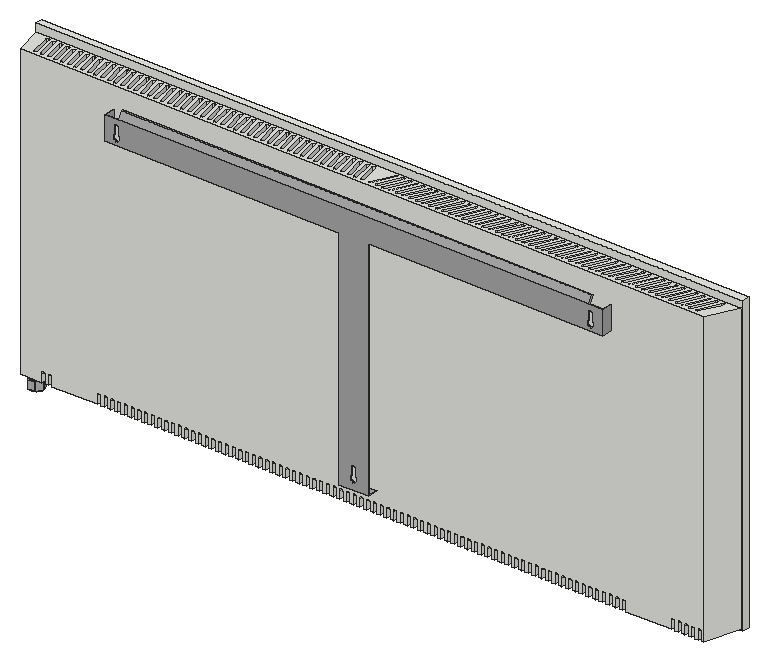
Revit family "Modern Plus", category Mechanical Equipment, host Wall, Revit 2020 (continued)
Definition of nested family "MDN 1500 PLUS"
  Forms (mm)
    Revolve 93, void
      sketch origin (-7.5, 200, 2) x (1, 0, 0) y (0, 1, 0)
        loop
          line (-345, -164.5) -> (-345, -177)
          arc (-345, -177) -> (-342.5, -179.5) -> (-340, -177) r 2.5
          line (-340, -177) -> (-340, -164.5) -> (-345, -164.5)
        axis (-345, -164.5) -> (-340, -164.5)
      angle from 0 to -90
    Revolve 94, void
      sketch origin (2.5, 200, 2) x (1, 0, 0) y (0, 1, 0)
        loop
          line (-345, -164.5) -> (-345, -177)
          arc (-345, -177) -> (-342.5, -179.5) -> (-340, -177) r 2.5
          line (-340, -177) -> (-340, -164.5) -> (-345, -164.5)
        axis (-345, -164.5) -> (-340, -164.5)
      angle from 0 to -90
    Revolve 95, void
      sketch origin (22.5, 200, 2) x (1, 0, 0) y (0, 1, 0)
        loop
          line (-345, -164.5) -> (-345, -177)
          arc (-345, -177) -> (-342.5, -179.5) -> (-340, -177) r 2.5
          line (-340, -177) -> (-340, -164.5) -> (-345, -164.5)
        axis (-345, -164.5) -> (-340, -164.5)
      angle from 0 to -90
    Revolve 96, void
      sketch origin (12.5, 200, 2) x (1, 0, 0) y (0, 1, 0)
        loop
          line (-345, -164.5) -> (-345, -177)
          arc (-345, -177) -> (-342.5, -179.5) -> (-340, -177) r 2.5
          line (-340, -177) -> (-340, -164.5) -> (-345, -164.5)
        axis (-345, -164.5) -> (-340, -164.5)
      angle from 0 to -90
    Revolve 97, void
      sketch origin (42.5, 200, 2) x (1, 0, 0) y (0, 1, 0)
        loop
          line (-345, -164.5) -> (-345, -177)
          arc (-345, -177) -> (-342.5, -179.5) -> (-340, -177) r 2.5
          line (-340, -177) -> (-340, -164.5) -> (-345, -164.5)
        axis (-345, -164.5) -> (-340, -164.5)
      angle from 0 to -90
    Revolve 98, void
      sketch origin (32.5, 200, 2) x (1, 0, 0) y (0, 1, 0)
        loop
          line (-345, -164.5) -> (-345, -177)
          arc (-345, -177) -> (-342.5, -179.5) -> (-340, -177) r 2.5
          line (-340, -177) -> (-340, -164.5) -> (-345, -164.5)
        axis (-345, -164.5) -> (-340, -164.5)
      angle from 0 to -90
    Revolve 99, void
      sketch origin (52.5, 200, 2) x (1, 0, 0) y (0, 1, 0)
        loop
          line (-345, -164.5) -> (-345, -177)
          arc (-345, -177) -> (-342.5, -179.5) -> (-340, -177) r 2.5
          line (-340, -177) -> (-340, -164.5) -> (-345, -164.5)
        axis (-345, -164.5) -> (-340, -164.5)
      angle from 0 to -90
    Revolve 100, void
      sketch origin (62.5, 200, 2) x (1, 0, 0) y (0, 1, 0)
        loop
          line (-345, -164.5) -> (-345, -177)
          arc (-345, -177) -> (-342.5, -179.5) -> (-340, -177) r 2.5
          line (-340, -177) -> (-340, -164.5) -> (-345, -164.5)
        axis (-345, -164.5) -> (-340, -164.5)
      angle from 0 to -90
    Revolve 101, void
      sketch origin (82.5, 200, 2) x (1, 0, 0) y (0, 1, 0)
        loop
          line (-345, -164.5) -> (-345, -177)
          arc (-345, -177) -> (-342.5, -179.5) -> (-340, -177) r 2.5
          line (-340, -177) -> (-340, -164.5) -> (-345, -164.5)
        axis (-345, -164.5) -> (-340, -164.5)
      angle from 0 to -90
    Revolve 102, void
      sketch origin (72.5, 200, 2) x (1, 0, 0) y (0, 1, 0)
        loop
          line (-345, -164.5) -> (-345, -177)
          arc (-345, -177) -> (-342.5, -179.5) -> (-340, -177) r 2.5
          line (-340, -177) -> (-340, -164.5) -> (-345, -164.5)
        axis (-345, -164.5) -> (-340, -164.5)
      angle from 0 to -90
    Revolve 103, void
      sketch origin (92.5, 200, 2) x (1, 0, 0) y (0, 1, 0)
        loop
          line (-345, -164.5) -> (-345, -177)
          arc (-345, -177) -> (-342.5, -179.5) -> (-340, -177) r 2.5
          line (-340, -177) -> (-340, -164.5) -> (-345, -164.5)
        axis (-345, -164.5) -> (-340, -164.5)
      angle from 0 to -90
    Revolve 104, void
      sketch origin (-47.5, 200, 2) x (1, 0, 0) y (0, 1, 0)
        loop
          line (-345, -164.5) -> (-345, -177)
          arc (-345, -177) -> (-342.5, -179.5) -> (-340, -177) r 2.5
          line (-340, -177) -> (-340, -164.5) -> (-345, -164.5)
        axis (-345, -164.5) -> (-340, -164.5)
      angle from 0 to -90
    Revolve 105, void
      sketch origin (-37.5, 200, 2) x (1, 0, 0) y (0, 1, 0)
        loop
          line (-345, -164.5) -> (-345, -177)
          arc (-345, -177) -> (-342.5, -179.5) -> (-340, -177) r 2.5
          line (-340, -177) -> (-340, -164.5) -> (-345, -164.5)
        axis (-345, -164.5) -> (-340, -164.5)
      angle from 0 to -90
    Revolve 106, void
      sketch origin (-17.5, 200, 2) x (1, 0, 0) y (0, 1, 0)
        loop
          line (-345, -164.5) -> (-345, -177)
          arc (-345, -177) -> (-342.5, -179.5) -> (-340, -177) r 2.5
          line (-340, -177) -> (-340, -164.5) -> (-345, -164.5)
        axis (-345, -164.5) -> (-340, -164.5)
      angle from 0 to -90
    Revolve 107, void
      sketch origin (-27.5, 200, 2) x (1, 0, 0) y (0, 1, 0)
        loop
          line (-345, -164.5) -> (-345, -177)
          arc (-345, -177) -> (-342.5, -179.5) -> (-340, -177) r 2.5
          line (-340, -177) -> (-340, -164.5) -> (-345, -164.5)
        axis (-345, -164.5) -> (-340, -164.5)
      angle from 0 to -90
    Blend 108, void
      base sketch origin (-82.25, 0, 0) x (1, 0, 0) y (0, 0, 1)
        loop
          line (314, 388) -> (314, 62) -> (315, 62) -> (315, 388) -> (314, 388)
      top sketch origin (-82.25, 0, 0) x (1, 0, 0) y (0, 0, 1)
        loop
          arc (312, 390) -> (311.293, 389.707) -> (311, 389) r 1
          line (311, 389) -> (311, 61)
          arc (311, 61) -> (311.293, 60.293) -> (312, 60) r 1
          line (312, 60) -> (317, 60)
          arc (317, 60) -> (317.707, 60.293) -> (318, 61) r 1
          line (318, 61) -> (318, 389)
          arc (318, 389) -> (317.707, 389.707) -> (317, 390) r 1
          line (317, 390) -> (312, 390)
      from 34 to 36
    Blend 109, void
      base sketch origin (82.25, 0, 0) x (-1, 0, 0) y (0, 0, -1)
        loop
          line (314, -388) -> (315, -388) -> (315, -62) -> (314, -62) -> (314, -388)
      top sketch origin (82.25, 0, 0) x (-1, 0, 0) y (0, 0, -1)
        loop
          line (312, -390) -> (317, -390)
          arc (317, -390) -> (317.707, -389.707) -> (318, -389) r 1
          line (318, -389) -> (318, -61)
          arc (318, -61) -> (317.707, -60.293) -> (317, -60) r 1
          line (317, -60) -> (312, -60)
          arc (312, -60) -> (311.293, -60.293) -> (311, -61) r 1
          line (311, -61) -> (311, -389)
          arc (311, -389) -> (311.293, -389.707) -> (312, -390) r 1
      from 34 to 36
  Cuts and joins
    Sweep 2, Blend 3, Blend 4, Blend 5, Extrusion 6, Extrusion 13, Extrusion 14, Blend 108, Blend 109 cuts Extrusion 1
    Extrusion 10, Extrusion 11, Extrusion 12, Extrusion 15, Revolve 16, Revolve 17, Revolve 18, Revolve 19, Revolve 20, Revolve 21, Revolve 22, Revolve 23, Revolve 24, Revolve 25, Revolve 26, Revolve 27, Revolve 28, Revolve 29, Revolve 30, Revolve 31, Revolve 32, Revolve 33, Revolve 34, Revolve 35, Revolve 36, Revolve 37, Revolve 38, Revolve 39, Revolve 40, Revolve 41, Revolve 42, Revolve 43, Revolve 44, Revolve 45, Revolve 46, Revolve 47, Revolve 48, Revolve 49, Revolve 50, Revolve 51, Revolve 52, Revolve 53, Revolve 54, Revolve 55, Revolve 56, Revolve 57, Revolve 58, Revolve 59, Revolve 60, Revolve 61, Revolve 62, Revolve 63, Revolve 64, Revolve 65, Revolve 66, Revolve 67, Revolve 68, Revolve 69, Revolve 70, Revolve 71, Extrusion 72, Revolve 78, Revolve 79, Revolve 80, Revolve 81, Revolve 82, Revolve 83, Revolve 84, Revolve 85, Revolve 86, Revolve 87, Revolve 88, Revolve 89, Revolve 90, Revolve 91, Revolve 92, Revolve 93, Revolve 94, Revolve 95, Revolve 96, Revolve 97, Revolve 98, Revolve 99, Revolve 100, Revolve 101, Revolve 102, Revolve 103, Revolve 104, Revolve 105, Revolve 106, Revolve 107 cuts Extrusion 9
    Extrusion 76, Extrusion 77 cuts Extrusion 75
  Lines and regions (mm)
    sketch lines
      curve 1: line (525, -35.5, 440) -> (-525, -35.5, 440)
      curve 2: line (525, -35.5, 0) -> (525, -35.5, 440)
      curve 3: line (-525, -35.5, 0) -> (525, -35.5, 0)
      curve 4: line (-525, -35.5, 440) -> (-525, -35.5, 0)
  Dimensions and locks
    equal spacing: plane 6, plane 1 "Center (Front/Back)", plane 5
    "Diepte": plane 6 to plane 5
    equal spacing: plane 7, plane 3 "Center (Left/Right)", plane 8
    "Breedte": plane 7 to plane 8
    "Hoogte": plane 4 to level
    aligned and locked: level to plane 2
    aligned and locked: profile plane to Sweep 2 sketch curve  (x2)
  Automatic sketch dimensions
    Extrusion 1 sketch curve to level = 0 mm
    Extrusion 1 sketch curve to plane 7 = 0 mm
    Extrusion 1 sketch curve to plane 8 = 0 mm
    Extrusion 1 sketch curve to plane 4 = 0 mm
    profile plane to Sweep 2 sketch curve = 10 mm
    Sweep 2 sketch curve to profile plane = 10 mm
    Blend 3 sketch curve to plane 8 = 61 mm
    Blend 3 sketch curve to Blend 3 sketch curve = 1 mm  (x4)
    level to Blend 3 sketch curve = 62 mm
    Blend 3 sketch curve to plane 4 = 162 mm
    Blend 3 sketch curve to plane 8 = 64 mm
    Blend 3 sketch curve to Blend 3 sketch curve = 5 mm  (x2)
    level to Blend 3 sketch curve = 60 mm
    Blend 3 sketch curve to plane 4 = 161 mm
    plane 7 to Blend 4 sketch curve = 60 mm
    Blend 4 sketch curve to Blend 4 sketch curve = 1 mm  (x4)
    level to Blend 4 sketch curve = 62 mm
    Blend 4 sketch curve to plane 4 = 52 mm
    plane 7 to Blend 4 sketch curve = 57 mm
    Blend 4 sketch curve to Blend 4 sketch curve = 5 mm  (x2)
    level to Blend 4 sketch curve = 60 mm
    Blend 4 sketch curve to plane 4 = 51 mm
    Blend 5 sketch curve to plane 3 "Center (Left/Right)" = 0.5 mm
    plane 3 "Center (Left/Right)" to Blend 5 sketch curve = 0.5 mm
    level to Blend 5 sketch curve = 62 mm
    Blend 5 sketch curve to plane 4 = 52 mm
    Blend 5 sketch curve to plane 3 "Center (Left/Right)" = 3.5 mm
    Blend 5 sketch curve to Blend 5 sketch curve = 1 mm  (x3)
    plane 3 "Center (Left/Right)" to Blend 5 sketch curve = 2.5 mm  (x2)
    level to Blend 5 sketch curve = 60 mm
    Blend 5 sketch curve to plane 4 = 51 mm
    Extrusion 6 sketch curve to plane 8 = 80 mm
    Extrusion 6 sketch curve to plane 8 = 40 mm
    Extrusion 6 sketch curve to plane 4 = 104 mm
    Extrusion 6 sketch curve to Extrusion 6 sketch curve = 40 mm
    Extrusion 7 sketch curve to plane 8 = 80 mm
    Extrusion 7 sketch curve to plane 8 = 40 mm
    Extrusion 7 sketch curve to plane 4 = 104 mm
    Extrusion 7 sketch curve to Extrusion 7 sketch curve = 40 mm
    Extrusion 8 sketch curve to plane 8 = 77.5 mm
    Extrusion 8 sketch curve to Extrusion 8 sketch curve = 0 mm  (x3)
    Extrusion 8 sketch curve to Extrusion 8 sketch curve = 2.8 mm  (x5)
    Extrusion 8 sketch curve to Extrusion 8 sketch curve = 7.9 mm  (x2)
    Extrusion 8 sketch curve to Extrusion 8 sketch curve = 8 mm  (x2)
    Extrusion 8 sketch curve to plane 4 = 123.5 mm
    Extrusion 8 sketch curve to Extrusion 8 sketch curve = 2.5 mm  (x6)
    Extrusion 8 sketch curve to Extrusion 8 sketch curve = 3.5 mm  (x4)
    Extrusion 9 sketch curve to plane 5 = 0 mm
    level to Extrusion 9 sketch curve = 2 mm
    Extrusion 9 sketch curve to plane 6 = 10 mm
    Extrusion 9 sketch curve to plane 4 = 11.98 mm
    Extrusion 9 sketch curve to plane 4 = 6 mm
    plane 5 to Extrusion 10 sketch curve = 0 mm
    Extrusion 10 sketch curve to plane 8 = 17.592 mm
    Extrusion 10 sketch curve to plane 8 = 2 mm
    plane 1 "Center (Front/Back)" to Extrusion 10 sketch curve = 15.5 mm
    plane 5 to Extrusion 11 sketch curve = 0 mm
    Extrusion 11 sketch curve to plane 7 = 17.592 mm
    Extrusion 11 sketch curve to plane 7 = 2 mm
    Extrusion 11 sketch curve to plane 1 "Center (Front/Back)" = 15.5 mm
    plane 1 "Center (Front/Back)" to Extrusion 12 sketch curve = 6.378 mm  (x100)
    plane 7 to Extrusion 12 sketch curve = 21.289 mm
    Extrusion 12 sketch curve to Extrusion 12 sketch curve = 2.391 mm  (x400)
    plane 1 "Center (Front/Back)" to Extrusion 12 sketch curve = 7.84 mm  (x99)
    Extrusion 12 sketch curve to Extrusion 12 sketch curve = 5.118 mm  (x196)
    plane 5 to Extrusion 12 sketch curve = 8.408 mm  (x98)
    plane 7 to Extrusion 12 sketch curve = 31.522 mm
    plane 5 to Extrusion 12 sketch curve = 9.87 mm  (x98)
    plane 3 "Center (Left/Right)" to Extrusion 12 sketch curve = 3.597 mm
    plane 3 "Center (Left/Right)" to Extrusion 12 sketch curve = 13.83 mm
    Extrusion 12 sketch curve to Extrusion 12 sketch curve = 1.462 mm  (x2)
    Extrusion 12 sketch curve to Extrusion 12 sketch curve = 0 mm
    Extrusion 12 sketch curve to Extrusion 12 sketch curve = 0.731 mm  (x2)
    Extrusion 13 sketch curve to plane 6 = 10 mm
    Extrusion 13 sketch curve to plane 8 = 122 mm
    plane 1 "Center (Front/Back)" to Extrusion 13 sketch curve = 15.5 mm
    Extrusion 13 sketch curve to Extrusion 13 sketch curve = 44 mm
    plane 6 to Extrusion 14 sketch curve = 10 mm
    Extrusion 14 sketch curve to plane 7 = 122 mm
    Extrusion 14 sketch curve to plane 1 "Center (Front/Back)" = 15.5 mm
    Extrusion 14 sketch curve to Extrusion 14 sketch curve = 44 mm
    plane 7 to Extrusion 15 sketch curve = 25 mm
    Extrusion 15 sketch curve to Extrusion 15 sketch curve = 2.5 mm  (x88)
    Extrusion 15 sketch curve to Extrusion 15 sketch curve = 5 mm  (x81)
    Extrusion 15 sketch curve to Extrusion 15 sketch curve = 4.531 mm
    Extrusion 15 sketch curve to Extrusion 15 sketch curve = 5.469 mm
    Extrusion 15 sketch curve to plane 1 "Center (Front/Back)" = 16 mm  (x14)
    Extrusion 15 sketch curve to Extrusion 15 sketch curve = 57.467 mm
    Extrusion 15 sketch curve to Extrusion 15 sketch curve = 5.033 mm
    plane 3 "Center (Left/Right)" to Extrusion 15 sketch curve = 2.5 mm
    plane 1 "Center (Front/Back)" to Extrusion 15 sketch curve = 9 mm  (x35)
    Extrusion 15 sketch curve to Extrusion 15 sketch curve = 57.5 mm
    Extrusion 15 sketch curve to Extrusion 15 sketch curve = 0 mm  (x126)
    Extrusion 15 sketch curve to Extrusion 15 sketch curve = 0.229 mm
    plane 5 to Revolve 16 sketch curve = 0 mm  (x2)
    plane 7 to Revolve 16 sketch curve = 30 mm
    Revolve 16 sketch curve to Revolve 16 sketch curve = 2.5 mm  (x3)
    plane 5 to Revolve 16 sketch curve = 12.5 mm
    plane 5 to Revolve 17 sketch curve = 0 mm  (x2)
    plane 7 to Revolve 17 sketch curve = 20 mm
    Revolve 17 sketch curve to Revolve 17 sketch curve = 2.5 mm  (x3)
    plane 5 to Revolve 17 sketch curve = 12.5 mm
    plane 5 to Revolve 18 sketch curve = 0 mm  (x2)
    plane 5 to Revolve 18 sketch curve = 12.5 mm
    plane 7 to Revolve 18 sketch curve = 40 mm
    Revolve 18 sketch curve to Revolve 18 sketch curve = 2.5 mm  (x3)
    plane 5 to Revolve 19 sketch curve = 0 mm  (x2)
    plane 5 to Revolve 19 sketch curve = 12.5 mm
    plane 7 to Revolve 19 sketch curve = 60 mm
    Revolve 19 sketch curve to Revolve 19 sketch curve = 2.5 mm  (x3)
    plane 5 to Revolve 20 sketch curve = 0 mm  (x2)
    plane 5 to Revolve 20 sketch curve = 12.5 mm
    plane 7 to Revolve 20 sketch curve = 50 mm
    Revolve 20 sketch curve to Revolve 20 sketch curve = 2.5 mm  (x3)
    plane 5 to Revolve 21 sketch curve = 0 mm  (x2)
    plane 5 to Revolve 21 sketch curve = 12.5 mm
    Revolve 21 sketch curve to plane 8 = 60 mm
    Revolve 21 sketch curve to Revolve 21 sketch curve = 2.5 mm  (x3)
    plane 5 to Revolve 22 sketch curve = 0 mm  (x2)
    plane 5 to Revolve 22 sketch curve = 12.5 mm
    Revolve 22 sketch curve to plane 8 = 50 mm
    Revolve 22 sketch curve to Revolve 22 sketch curve = 2.5 mm  (x3)
    plane 5 to Revolve 23 sketch curve = 0 mm  (x2)
    plane 5 to Revolve 23 sketch curve = 12.5 mm
    Revolve 23 sketch curve to plane 3 "Center (Left/Right)" = 232.5 mm
    Revolve 23 sketch curve to Revolve 23 sketch curve = 2.5 mm  (x3)
    plane 5 to Revolve 24 sketch curve = 0 mm  (x2)
    plane 5 to Revolve 24 sketch curve = 12.5 mm
    Revolve 24 sketch curve to plane 3 "Center (Left/Right)" = 242.5 mm
    Revolve 24 sketch curve to Revolve 24 sketch curve = 2.5 mm  (x3)
    plane 5 to Revolve 25 sketch curve = 0 mm  (x2)
    plane 5 to Revolve 25 sketch curve = 12.5 mm
    Revolve 25 sketch curve to plane 3 "Center (Left/Right)" = 222.5 mm
    Revolve 25 sketch curve to Revolve 25 sketch curve = 2.5 mm  (x3)
    plane 5 to Revolve 26 sketch curve = 0 mm  (x2)
    plane 5 to Revolve 26 sketch curve = 12.5 mm
    Revolve 26 sketch curve to plane 3 "Center (Left/Right)" = 202.5 mm
    Revolve 26 sketch curve to Revolve 26 sketch curve = 2.5 mm  (x3)
    plane 5 to Revolve 27 sketch curve = 0 mm  (x2)
    plane 5 to Revolve 27 sketch curve = 12.5 mm
    Revolve 27 sketch curve to plane 3 "Center (Left/Right)" = 212.5 mm
    Revolve 27 sketch curve to Revolve 27 sketch curve = 2.5 mm  (x3)
    plane 5 to Revolve 28 sketch curve = 0 mm  (x2)
    plane 5 to Revolve 28 sketch curve = 12.5 mm
    Revolve 28 sketch curve to plane 3 "Center (Left/Right)" = 182.5 mm
    Revolve 28 sketch curve to Revolve 28 sketch curve = 2.5 mm  (x3)
    plane 5 to Revolve 29 sketch curve = 0 mm  (x2)
    plane 5 to Revolve 29 sketch curve = 12.5 mm
    Revolve 29 sketch curve to plane 3 "Center (Left/Right)" = 192.5 mm
    Revolve 29 sketch curve to Revolve 29 sketch curve = 2.5 mm  (x3)
    plane 5 to Revolve 30 sketch curve = 0 mm  (x2)
    plane 5 to Revolve 30 sketch curve = 12.5 mm
    Revolve 30 sketch curve to plane 3 "Center (Left/Right)" = 172.5 mm
    Revolve 30 sketch curve to Revolve 30 sketch curve = 2.5 mm  (x3)
    plane 5 to Revolve 31 sketch curve = 0 mm  (x2)
    plane 5 to Revolve 31 sketch curve = 12.5 mm
    Revolve 31 sketch curve to plane 3 "Center (Left/Right)" = 152.5 mm
    Revolve 31 sketch curve to Revolve 31 sketch curve = 2.5 mm  (x3)
    plane 5 to Revolve 32 sketch curve = 0 mm  (x2)
    plane 5 to Revolve 32 sketch curve = 12.5 mm
    Revolve 32 sketch curve to plane 3 "Center (Left/Right)" = 162.5 mm
    Revolve 32 sketch curve to Revolve 32 sketch curve = 2.5 mm  (x3)
    plane 5 to Revolve 33 sketch curve = 0 mm  (x2)
    plane 5 to Revolve 33 sketch curve = 12.5 mm
    Revolve 33 sketch curve to plane 3 "Center (Left/Right)" = 132.5 mm
    Revolve 33 sketch curve to Revolve 33 sketch curve = 2.5 mm  (x3)
    plane 5 to Revolve 34 sketch curve = 0 mm  (x2)
    plane 5 to Revolve 34 sketch curve = 12.5 mm
    Revolve 34 sketch curve to plane 3 "Center (Left/Right)" = 142.5 mm
    Revolve 34 sketch curve to Revolve 34 sketch curve = 2.5 mm  (x3)
    plane 5 to Revolve 35 sketch curve = 0 mm  (x2)
    plane 5 to Revolve 35 sketch curve = 12.5 mm
    Revolve 35 sketch curve to plane 3 "Center (Left/Right)" = 122.5 mm
    Revolve 35 sketch curve to Revolve 35 sketch curve = 2.5 mm  (x3)
    plane 5 to Revolve 36 sketch curve = 0 mm  (x2)
    plane 5 to Revolve 36 sketch curve = 12.5 mm
    Revolve 36 sketch curve to plane 3 "Center (Left/Right)" = 102.5 mm
    Revolve 36 sketch curve to Revolve 36 sketch curve = 2.5 mm  (x3)
    plane 5 to Revolve 37 sketch curve = 0 mm  (x2)
    plane 5 to Revolve 37 sketch curve = 12.5 mm
    Revolve 37 sketch curve to plane 3 "Center (Left/Right)" = 112.5 mm
    Revolve 37 sketch curve to Revolve 37 sketch curve = 2.5 mm  (x3)
    plane 5 to Revolve 38 sketch curve = 0 mm  (x2)
    plane 5 to Revolve 38 sketch curve = 12.5 mm
    Revolve 38 sketch curve to plane 3 "Center (Left/Right)" = 82.5 mm
    Revolve 38 sketch curve to Revolve 38 sketch curve = 2.5 mm  (x3)
    plane 5 to Revolve 39 sketch curve = 0 mm  (x2)
    plane 5 to Revolve 39 sketch curve = 12.5 mm
    Revolve 39 sketch curve to plane 3 "Center (Left/Right)" = 92.5 mm
    Revolve 39 sketch curve to Revolve 39 sketch curve = 2.5 mm  (x3)
    plane 5 to Revolve 40 sketch curve = 0 mm  (x2)
    plane 5 to Revolve 40 sketch curve = 12.5 mm
    Revolve 40 sketch curve to plane 3 "Center (Left/Right)" = 72.5 mm
    Revolve 40 sketch curve to Revolve 40 sketch curve = 2.5 mm  (x3)
    plane 5 to Revolve 41 sketch curve = 0 mm  (x2)
    plane 5 to Revolve 41 sketch curve = 12.5 mm
    Revolve 41 sketch curve to plane 3 "Center (Left/Right)" = 52.5 mm
    Revolve 41 sketch curve to Revolve 41 sketch curve = 2.5 mm  (x3)
    plane 5 to Revolve 42 sketch curve = 0 mm  (x2)
    plane 5 to Revolve 42 sketch curve = 12.5 mm
    Revolve 42 sketch curve to plane 3 "Center (Left/Right)" = 62.5 mm
    Revolve 42 sketch curve to Revolve 42 sketch curve = 2.5 mm  (x3)
    plane 5 to Revolve 43 sketch curve = 0 mm  (x2)
    Revolve 43 sketch curve to plane 3 "Center (Left/Right)" = 32.5 mm
    Revolve 43 sketch curve to Revolve 43 sketch curve = 2.5 mm  (x3)
    plane 5 to Revolve 43 sketch curve = 12.5 mm
    plane 5 to Revolve 44 sketch curve = 0 mm  (x2)
    plane 5 to Revolve 44 sketch curve = 12.5 mm
    Revolve 44 sketch curve to plane 3 "Center (Left/Right)" = 42.5 mm
    Revolve 44 sketch curve to Revolve 44 sketch curve = 2.5 mm  (x3)
    plane 5 to Revolve 45 sketch curve = 0 mm  (x2)
    Revolve 45 sketch curve to plane 3 "Center (Left/Right)" = 22.5 mm
    Revolve 45 sketch curve to Revolve 45 sketch curve = 2.5 mm  (x3)
    plane 5 to Revolve 45 sketch curve = 12.5 mm
    plane 5 to Revolve 46 sketch curve = 0 mm  (x2)
    Revolve 46 sketch curve to plane 3 "Center (Left/Right)" = 0 mm
    Revolve 46 sketch curve to plane 3 "Center (Left/Right)" = 2.5 mm
    plane 5 to Revolve 46 sketch curve = 12.5 mm
    Revolve 46 sketch curve to Revolve 46 sketch curve = 2.5 mm  (x2)
    plane 5 to Revolve 47 sketch curve = 0 mm  (x2)
    Revolve 47 sketch curve to plane 3 "Center (Left/Right)" = 12.5 mm
    Revolve 47 sketch curve to Revolve 47 sketch curve = 2.5 mm  (x3)
    plane 5 to Revolve 47 sketch curve = 12.5 mm
    plane 5 to Revolve 48 sketch curve = 0 mm  (x2)
    plane 3 "Center (Left/Right)" to Revolve 48 sketch curve = 17.5 mm
    Revolve 48 sketch curve to Revolve 48 sketch curve = 2.5 mm  (x3)
    plane 5 to Revolve 48 sketch curve = 12.5 mm
    plane 5 to Revolve 49 sketch curve = 0 mm  (x2)
    plane 3 "Center (Left/Right)" to Revolve 49 sketch curve = 7.5 mm
    Revolve 49 sketch curve to Revolve 49 sketch curve = 2.5 mm  (x3)
    plane 5 to Revolve 49 sketch curve = 12.5 mm
    plane 5 to Revolve 50 sketch curve = 0 mm  (x2)
    plane 3 "Center (Left/Right)" to Revolve 50 sketch curve = 27.5 mm
    Revolve 50 sketch curve to Revolve 50 sketch curve = 2.5 mm  (x3)
    plane 5 to Revolve 50 sketch curve = 12.5 mm
    plane 5 to Revolve 51 sketch curve = 0 mm  (x2)
    plane 5 to Revolve 51 sketch curve = 12.5 mm
    plane 3 "Center (Left/Right)" to Revolve 51 sketch curve = 47.5 mm
    Revolve 51 sketch curve to Revolve 51 sketch curve = 2.5 mm  (x3)
    plane 5 to Revolve 52 sketch curve = 0 mm  (x2)
    plane 3 "Center (Left/Right)" to Revolve 52 sketch curve = 37.5 mm
    Revolve 52 sketch curve to Revolve 52 sketch curve = 2.5 mm  (x3)
    plane 5 to Revolve 52 sketch curve = 12.5 mm
    plane 5 to Revolve 53 sketch curve = 0 mm  (x2)
    plane 5 to Revolve 53 sketch curve = 12.5 mm
    plane 3 "Center (Left/Right)" to Revolve 53 sketch curve = 67.5 mm
    Revolve 53 sketch curve to Revolve 53 sketch curve = 2.5 mm  (x3)
    plane 5 to Revolve 54 sketch curve = 0 mm  (x2)
    plane 5 to Revolve 54 sketch curve = 12.5 mm
    plane 3 "Center (Left/Right)" to Revolve 54 sketch curve = 57.5 mm
    Revolve 54 sketch curve to Revolve 54 sketch curve = 2.5 mm  (x3)
    plane 5 to Revolve 55 sketch curve = 0 mm  (x2)
    plane 5 to Revolve 55 sketch curve = 12.5 mm
    plane 3 "Center (Left/Right)" to Revolve 55 sketch curve = 77.5 mm
    Revolve 55 sketch curve to Revolve 55 sketch curve = 2.5 mm  (x3)
    plane 5 to Revolve 56 sketch curve = 0 mm  (x2)
    plane 5 to Revolve 56 sketch curve = 12.5 mm
    plane 3 "Center (Left/Right)" to Revolve 56 sketch curve = 97.5 mm
    Revolve 56 sketch curve to Revolve 56 sketch curve = 2.5 mm  (x3)
    plane 5 to Revolve 57 sketch curve = 0 mm  (x2)
    plane 5 to Revolve 57 sketch curve = 12.5 mm
    plane 3 "Center (Left/Right)" to Revolve 57 sketch curve = 87.5 mm
    Revolve 57 sketch curve to Revolve 57 sketch curve = 2.5 mm  (x3)
    plane 5 to Revolve 58 sketch curve = 0 mm  (x2)
    plane 5 to Revolve 58 sketch curve = 12.5 mm
    plane 3 "Center (Left/Right)" to Revolve 58 sketch curve = 117.5 mm
    Revolve 58 sketch curve to Revolve 58 sketch curve = 2.5 mm  (x3)
    plane 5 to Revolve 59 sketch curve = 0 mm  (x2)
    plane 5 to Revolve 59 sketch curve = 12.5 mm
    plane 3 "Center (Left/Right)" to Revolve 59 sketch curve = 107.5 mm
    Revolve 59 sketch curve to Revolve 59 sketch curve = 2.5 mm  (x3)
    plane 5 to Revolve 60 sketch curve = 0 mm  (x2)
    plane 5 to Revolve 60 sketch curve = 12.5 mm
    plane 3 "Center (Left/Right)" to Revolve 60 sketch curve = 127.5 mm
    Revolve 60 sketch curve to Revolve 60 sketch curve = 2.5 mm  (x3)
    plane 5 to Revolve 61 sketch curve = 0 mm  (x2)
    plane 5 to Revolve 61 sketch curve = 12.5 mm
    plane 3 "Center (Left/Right)" to Revolve 61 sketch curve = 147.5 mm
    Revolve 61 sketch curve to Revolve 61 sketch curve = 2.5 mm  (x3)
    plane 5 to Revolve 62 sketch curve = 0 mm  (x2)
    plane 5 to Revolve 62 sketch curve = 12.5 mm
    plane 3 "Center (Left/Right)" to Revolve 62 sketch curve = 137.5 mm
    Revolve 62 sketch curve to Revolve 62 sketch curve = 2.5 mm  (x3)
    plane 5 to Revolve 63 sketch curve = 0 mm  (x2)
    plane 5 to Revolve 63 sketch curve = 12.5 mm
    plane 3 "Center (Left/Right)" to Revolve 63 sketch curve = 167.5 mm
    Revolve 63 sketch curve to Revolve 63 sketch curve = 2.5 mm  (x3)
    plane 5 to Revolve 64 sketch curve = 0 mm  (x2)
    plane 5 to Revolve 64 sketch curve = 12.5 mm
    plane 3 "Center (Left/Right)" to Revolve 64 sketch curve = 157.5 mm
    Revolve 64 sketch curve to Revolve 64 sketch curve = 2.5 mm  (x3)
    plane 5 to Revolve 65 sketch curve = 0 mm  (x2)
    plane 5 to Revolve 65 sketch curve = 12.5 mm
    plane 3 "Center (Left/Right)" to Revolve 65 sketch curve = 177.5 mm
    Revolve 65 sketch curve to Revolve 65 sketch curve = 2.5 mm  (x3)
    plane 5 to Revolve 66 sketch curve = 0 mm  (x2)
    plane 5 to Revolve 66 sketch curve = 12.5 mm
    plane 3 "Center (Left/Right)" to Revolve 66 sketch curve = 197.5 mm
    Revolve 66 sketch curve to Revolve 66 sketch curve = 2.5 mm  (x3)
    plane 5 to Revolve 67 sketch curve = 0 mm  (x2)
    plane 5 to Revolve 67 sketch curve = 12.5 mm
    plane 3 "Center (Left/Right)" to Revolve 67 sketch curve = 187.5 mm
    Revolve 67 sketch curve to Revolve 67 sketch curve = 2.5 mm  (x3)
    plane 5 to Revolve 68 sketch curve = 0 mm  (x2)
    plane 5 to Revolve 68 sketch curve = 12.5 mm
    plane 3 "Center (Left/Right)" to Revolve 68 sketch curve = 217.5 mm
    Revolve 68 sketch curve to Revolve 68 sketch curve = 2.5 mm  (x3)
    plane 5 to Revolve 69 sketch curve = 0 mm  (x2)
    plane 5 to Revolve 69 sketch curve = 12.5 mm
    plane 3 "Center (Left/Right)" to Revolve 69 sketch curve = 207.5 mm
    Revolve 69 sketch curve to Revolve 69 sketch curve = 2.5 mm  (x3)
    plane 5 to Revolve 70 sketch curve = 0 mm  (x2)
    plane 5 to Revolve 70 sketch curve = 12.5 mm
    plane 3 "Center (Left/Right)" to Revolve 70 sketch curve = 227.5 mm
    Revolve 70 sketch curve to Revolve 70 sketch curve = 2.5 mm  (x3)
    plane 5 to Revolve 71 sketch curve = 0 mm  (x2)
    plane 5 to Revolve 71 sketch curve = 12.5 mm
    plane 3 "Center (Left/Right)" to Revolve 71 sketch curve = 237.5 mm
    Revolve 71 sketch curve to Revolve 71 sketch curve = 2.5 mm  (x3)
    plane 1 "Center (Front/Back)" to Extrusion 72 sketch curve = 13 mm  (x4)
    plane 7 to Extrusion 72 sketch curve = 89 mm
    plane 5 to Extrusion 72 sketch curve = 14.5 mm  (x4)
    Extrusion 72 sketch curve to Extrusion 72 sketch curve = 0 mm  (x2)
    Extrusion 72 sketch curve to Extrusion 72 sketch curve = 22 mm  (x4)
    Extrusion 72 sketch curve to plane 8 = 111 mm
    plane 1 "Center (Front/Back)" to Extrusion 73 sketch curve = 0.5 mm
    Extrusion 73 sketch curve to plane 8 = 18 mm
    plane 1 "Center (Front/Back)" to Revolve 74 sketch curve = 0.5 mm  (x2)
    level to Revolve 74 sketch curve = 0.5 mm
    Revolve 74 sketch curve to plane 1 "Center (Front/Back)" = 2.5 mm
    Revolve 74 sketch curve to level = 18.5 mm
    Revolve 74 sketch curve to Revolve 74 sketch curve = 0.894 mm
    Revolve 74 sketch curve to Revolve 74 sketch curve = 3.899 mm
    Extrusion 75 sketch curve to plane 3 "Center (Left/Right)" = 0 mm  (x2)
    Extrusion 75 sketch curve to plane 3 "Center (Left/Right)" = 3 mm
    Extrusion 75 sketch curve to plane 3 "Center (Left/Right)" = 22 mm
    Extrusion 75 sketch curve to plane 4 = 38 mm
    plane 7 to Extrusion 75 sketch curve = 176 mm
    Extrusion 75 sketch curve to Extrusion 75 sketch curve = 0 mm  (x2)
    Extrusion 75 sketch curve to Extrusion 75 sketch curve = 3 mm  (x4)
    Extrusion 75 sketch curve to Extrusion 75 sketch curve = 15 mm  (x3)
    plane 3 "Center (Left/Right)" to Extrusion 75 sketch curve = 22 mm
    Extrusion 75 sketch curve to plane 4 = 48 mm
    Extrusion 75 sketch curve to plane 8 = 176 mm
    Extrusion 75 sketch curve to Extrusion 75 sketch curve = 21 mm
    Extrusion 75 sketch curve to Extrusion 75 sketch curve = 11 mm  (x2)
    Extrusion 75 sketch curve to Extrusion 75 sketch curve = 4 mm  (x3)
    Extrusion 75 sketch curve to plane 4 = 73 mm
    Extrusion 75 sketch curve to Extrusion 75 sketch curve = 14 mm
    level to Extrusion 75 sketch curve = 62 mm
    Extrusion 75 sketch curve to Extrusion 75 sketch curve = 10 mm  (x3)
    Extrusion 76 sketch curve to plane 5 = 9 mm
    Extrusion 76 sketch curve to Extrusion 76 sketch curve = 6 mm
    Extrusion 76 sketch curve to plane 4 = 38 mm
    Extrusion 76 sketch curve to Extrusion 76 sketch curve = 10 mm
    Extrusion 77 sketch curve to plane 5 = 0 mm
    Extrusion 77 sketch curve to Extrusion 77 sketch curve = 8.067 mm
    Extrusion 77 sketch curve to Extrusion 77 sketch curve = 6.133 mm
    level to Extrusion 77 sketch curve = 32.8 mm
    Extrusion 77 sketch curve to plane 4 = 38.222 mm
    Extrusion 77 sketch curve to Extrusion 77 sketch curve = 10.222 mm
    plane 5 to Revolve 78 sketch curve = 0 mm  (x2)
    plane 5 to Revolve 78 sketch curve = 12.5 mm
    plane 3 "Center (Left/Right)" to Revolve 78 sketch curve = 257.5 mm
    Revolve 78 sketch curve to Revolve 78 sketch curve = 2.5 mm  (x3)
    plane 5 to Revolve 79 sketch curve = 0 mm  (x2)
    plane 5 to Revolve 79 sketch curve = 12.5 mm
    plane 3 "Center (Left/Right)" to Revolve 79 sketch curve = 247.5 mm
    Revolve 79 sketch curve to Revolve 79 sketch curve = 2.5 mm  (x3)
    plane 5 to Revolve 80 sketch curve = 0 mm  (x2)
    plane 5 to Revolve 80 sketch curve = 12.5 mm
    Revolve 80 sketch curve to plane 8 = 247.5 mm
    Revolve 80 sketch curve to Revolve 80 sketch curve = 2.5 mm  (x3)
    plane 5 to Revolve 81 sketch curve = 0 mm  (x2)
    plane 5 to Revolve 81 sketch curve = 12.5 mm
    Revolve 81 sketch curve to plane 8 = 257.5 mm
    Revolve 81 sketch curve to Revolve 81 sketch curve = 2.5 mm  (x3)
    plane 5 to Revolve 82 sketch curve = 0 mm  (x2)
    plane 5 to Revolve 82 sketch curve = 12.5 mm
    Revolve 82 sketch curve to plane 8 = 237.5 mm
    Revolve 82 sketch curve to Revolve 82 sketch curve = 2.5 mm  (x3)
    plane 5 to Revolve 83 sketch curve = 0 mm  (x2)
    plane 5 to Revolve 83 sketch curve = 12.5 mm
    Revolve 83 sketch curve to plane 8 = 217.5 mm
    Revolve 83 sketch curve to Revolve 83 sketch curve = 2.5 mm  (x3)
    plane 5 to Revolve 84 sketch curve = 0 mm  (x2)
    plane 5 to Revolve 84 sketch curve = 12.5 mm
    Revolve 84 sketch curve to plane 8 = 227.5 mm
    Revolve 84 sketch curve to Revolve 84 sketch curve = 2.5 mm  (x3)
    plane 5 to Revolve 85 sketch curve = 0 mm  (x2)
    plane 5 to Revolve 85 sketch curve = 12.5 mm
    Revolve 85 sketch curve to plane 8 = 197.5 mm
    Revolve 85 sketch curve to Revolve 85 sketch curve = 2.5 mm  (x3)
    plane 5 to Revolve 86 sketch curve = 0 mm  (x2)
    plane 5 to Revolve 86 sketch curve = 12.5 mm
    Revolve 86 sketch curve to plane 8 = 207.5 mm
    Revolve 86 sketch curve to Revolve 86 sketch curve = 2.5 mm  (x3)
    plane 5 to Revolve 87 sketch curve = 0 mm  (x2)
    plane 5 to Revolve 87 sketch curve = 12.5 mm
    Revolve 87 sketch curve to plane 8 = 187.5 mm
    Revolve 87 sketch curve to Revolve 87 sketch curve = 2.5 mm  (x3)
    plane 5 to Revolve 88 sketch curve = 0 mm  (x2)
    plane 5 to Revolve 88 sketch curve = 12.5 mm
    Revolve 88 sketch curve to plane 8 = 177.5 mm
    Revolve 88 sketch curve to Revolve 88 sketch curve = 2.5 mm  (x3)
    plane 5 to Revolve 89 sketch curve = 0 mm  (x2)
    plane 5 to Revolve 89 sketch curve = 12.5 mm
    Revolve 89 sketch curve to plane 8 = 157.5 mm
    Revolve 89 sketch curve to Revolve 89 sketch curve = 2.5 mm  (x3)
    plane 5 to Revolve 90 sketch curve = 0 mm  (x2)
    plane 5 to Revolve 90 sketch curve = 12.5 mm
    Revolve 90 sketch curve to plane 8 = 167.5 mm
    Revolve 90 sketch curve to Revolve 90 sketch curve = 2.5 mm  (x3)
    plane 5 to Revolve 91 sketch curve = 0 mm  (x2)
    plane 5 to Revolve 91 sketch curve = 12.5 mm
    Revolve 91 sketch curve to plane 8 = 147.5 mm
    Revolve 91 sketch curve to Revolve 91 sketch curve = 2.5 mm  (x3)
    plane 5 to Revolve 92 sketch curve = 0 mm  (x2)
    plane 5 to Revolve 92 sketch curve = 12.5 mm
    Revolve 92 sketch curve to plane 8 = 137.5 mm
    Revolve 92 sketch curve to Revolve 92 sketch curve = 2.5 mm  (x3)
    plane 5 to Revolve 93 sketch curve = 0 mm  (x2)
    plane 5 to Revolve 93 sketch curve = 12.5 mm
    plane 7 to Revolve 93 sketch curve = 172.5 mm
    Revolve 93 sketch curve to Revolve 93 sketch curve = 2.5 mm  (x3)
    plane 5 to Revolve 94 sketch curve = 0 mm  (x2)
    plane 5 to Revolve 94 sketch curve = 12.5 mm
    plane 7 to Revolve 94 sketch curve = 182.5 mm
    Revolve 94 sketch curve to Revolve 94 sketch curve = 2.5 mm  (x3)
    plane 5 to Revolve 95 sketch curve = 0 mm  (x2)
    plane 5 to Revolve 95 sketch curve = 12.5 mm
    plane 7 to Revolve 95 sketch curve = 202.5 mm
    Revolve 95 sketch curve to Revolve 95 sketch curve = 2.5 mm  (x3)
    plane 5 to Revolve 96 sketch curve = 0 mm  (x2)
    plane 5 to Revolve 96 sketch curve = 12.5 mm
    plane 7 to Revolve 96 sketch curve = 192.5 mm
    Revolve 96 sketch curve to Revolve 96 sketch curve = 2.5 mm  (x3)
    plane 5 to Revolve 97 sketch curve = 0 mm  (x2)
    plane 5 to Revolve 97 sketch curve = 12.5 mm
    plane 7 to Revolve 97 sketch curve = 222.5 mm
    Revolve 97 sketch curve to Revolve 97 sketch curve = 2.5 mm  (x3)
    plane 5 to Revolve 98 sketch curve = 0 mm  (x2)
    plane 5 to Revolve 98 sketch curve = 12.5 mm
    plane 7 to Revolve 98 sketch curve = 212.5 mm
    Revolve 98 sketch curve to Revolve 98 sketch curve = 2.5 mm  (x3)
    plane 5 to Revolve 99 sketch curve = 0 mm  (x2)
    plane 5 to Revolve 99 sketch curve = 12.5 mm
    plane 7 to Revolve 99 sketch curve = 232.5 mm
    Revolve 99 sketch curve to Revolve 99 sketch curve = 2.5 mm  (x3)
    plane 5 to Revolve 100 sketch curve = 0 mm  (x2)
    plane 5 to Revolve 100 sketch curve = 12.5 mm
    plane 7 to Revolve 100 sketch curve = 242.5 mm
    Revolve 100 sketch curve to Revolve 100 sketch curve = 2.5 mm  (x3)
    plane 5 to Revolve 101 sketch curve = 0 mm  (x2)
    plane 5 to Revolve 101 sketch curve = 12.5 mm
    Revolve 101 sketch curve to plane 3 "Center (Left/Right)" = 262.5 mm
    Revolve 101 sketch curve to Revolve 101 sketch curve = 2.5 mm  (x3)
    plane 5 to Revolve 102 sketch curve = 0 mm  (x2)
    plane 5 to Revolve 102 sketch curve = 12.5 mm
    plane 7 to Revolve 102 sketch curve = 252.5 mm
    Revolve 102 sketch curve to Revolve 102 sketch curve = 2.5 mm  (x3)
    plane 5 to Revolve 103 sketch curve = 0 mm  (x2)
    plane 5 to Revolve 103 sketch curve = 12.5 mm
    Revolve 103 sketch curve to plane 3 "Center (Left/Right)" = 252.5 mm
    Revolve 103 sketch curve to Revolve 103 sketch curve = 2.5 mm  (x3)
    plane 5 to Revolve 104 sketch curve = 0 mm  (x2)
    plane 5 to Revolve 104 sketch curve = 12.5 mm
    plane 7 to Revolve 104 sketch curve = 132.5 mm
    Revolve 104 sketch curve to Revolve 104 sketch curve = 2.5 mm  (x3)
    plane 5 to Revolve 105 sketch curve = 0 mm  (x2)
    plane 5 to Revolve 105 sketch curve = 12.5 mm
    plane 7 to Revolve 105 sketch curve = 142.5 mm
    Revolve 105 sketch curve to Revolve 105 sketch curve = 2.5 mm  (x3)
    plane 5 to Revolve 106 sketch curve = 0 mm  (x2)
    plane 5 to Revolve 106 sketch curve = 12.5 mm
    plane 7 to Revolve 106 sketch curve = 162.5 mm
    Revolve 106 sketch curve to Revolve 106 sketch curve = 2.5 mm  (x3)
    plane 5 to Revolve 107 sketch curve = 0 mm  (x2)
    plane 5 to Revolve 107 sketch curve = 12.5 mm
    plane 7 to Revolve 107 sketch curve = 152.5 mm
    Revolve 107 sketch curve to Revolve 107 sketch curve = 2.5 mm  (x3)
    level to Blend 108 sketch curve = 62 mm
    plane 3 "Center (Left/Right)" to Blend 108 sketch curve = 231.75 mm
    Blend 108 sketch curve to Blend 108 sketch curve = 1 mm  (x4)
    Blend 108 sketch curve to plane 4 = 52 mm
    level to Blend 108 sketch curve = 61 mm
    plane 3 "Center (Left/Right)" to Blend 108 sketch curve = 228.75 mm
    Blend 108 sketch curve to Blend 108 sketch curve = 5 mm  (x2)
    Blend 108 sketch curve to plane 4 = 51 mm
    Blend 109 sketch curve to level = 62 mm
    plane 3 "Center (Left/Right)" to Blend 109 sketch curve = 231.75 mm
    Blend 109 sketch curve to Blend 109 sketch curve = 1 mm  (x4)
    plane 4 to Blend 109 sketch curve = 52 mm
    Blend 109 sketch curve to level = 61 mm
    plane 3 "Center (Left/Right)" to Blend 109 sketch curve = 228.75 mm
    Blend 109 sketch curve to Blend 109 sketch curve = 5 mm  (x2)
    plane 4 to Blend 109 sketch curve = 51 mm
    radius of Extrusion 72 sketch curve = 2 mm  (x8)
    radius of Extrusion 73 sketch curve = 7 mm
  Nested families
    nested 1: "Aansluiting 1" at (495, 20.5, -19), type "Aansluiting 1"
  Connectors
    electrical at (495, 20.5, -14), driven by "Voltage", driven by "Phase", driven by "Power (default)"
      settings: on nested 1, index 1, voltage 230 V, apparent load 1500 VA, apparent load phase1 0 VA, apparent load phase2 0 VA, apparent load phase3 0 VA, power factor 1, load classification none, number of poles 1, system type 30, power factor state 1, is connector primary yes, connector utility no, sub classification motor no, connector description ""
  Definition of nested family "Aansluiting 1"
    Parameters (values of type "Aansluiting 1")
      Licht grijs = none
      Default Elevation = 0 mm
    Reference planes
      plane 1 "Center (Front/Back)": y = 0
      plane 2: z = 0
      plane 3 "Center (Left/Right)": x = 0
      plane 4: z = 21
    Forms (mm)
      Extrusion 1, solid, material <- "Licht grijs"
        sketch origin (0, 0, 0) x (1, 0, 0) y (0, 1, 0)
          loop
            line (-6.321, 9.053) -> (-11, 0.947) -> (-11, -0.947) -> (-6.321, -9.053) -> (-4.679, -10) -> (4.679, -10) -> (6.321, -9.053) -> (11, -0.947) -> (11, 0.947) -> (6.321, 9.053) -> (4.679, 10) -> (-4.679, 10) -> (-6.321, 9.053)
        from 16 to 21
      Extrusion 2, solid, material <- "Licht grijs"
        sketch origin (0, 0, 0) x (1, 0, 0) y (0, 1, 0)
          loop
            circle (0, 0) r 7
        from 14 to 16
      Extrusion 3, solid, material <- "Licht grijs"
        sketch origin (0, 0, 0) x (1, 0, 0) y (0, 1, 0)
          loop
            line (-6.321, 9.053) -> (-11, 0.947) -> (-11, -0.947) -> (-6.321, -9.053) -> (-4.679, -10) -> (4.679, -10) -> (6.321, -9.053) -> (11, -0.947) -> (11, 0.947) -> (6.321, 9.053) -> (4.679, 10) -> (-4.679, 10) -> (-6.321, 9.053)
        from -0.5 to 14
      Revolve 4, void
        sketch origin (0, 0, 0) x (1, 0, 0) y (0, 0, 1)
          loop
            line (-5.547, 0.004) -> (-6.347, 0.004)
            arc (-6.347, 0.004) -> (-10.354, 1.435) -> (-12.547, 5.081) r 6.324
            line (-12.547, 5.081) -> (-12.547, -1) -> (0, -1) -> (0, 5) -> (-5.547, 5) -> (-5.547, 0.004)
          axis (0, 5.081) -> (0, -1)
        angle from 0 to 360
    Cuts and joins
      Revolve 4 cuts Extrusion 3
    Dimensions and locks
      aligned and locked: level to plane 2
Types (5, lengths in mm): name | boven 1500 | Watt | Onder 1500 | Model | Art. No.
  0750 W | no | 750 VA | yes | "MDN 750 PLUS" | "429 754 211"
  1000 W | no | 1000 VA | yes | "MDN 1000 PLUS" | "429 754 212"
  1200 W | no | 1200 VA | yes | "MDN 1200 PLUS" | "429 754 213"
  1500 W | yes | 1500 VA | no | "MDN 1500 PLUS" | "429 754 214"
  2000 W | yes | 2000 VA | no | "MDN 2000 PLUS" | "429 754 216"
